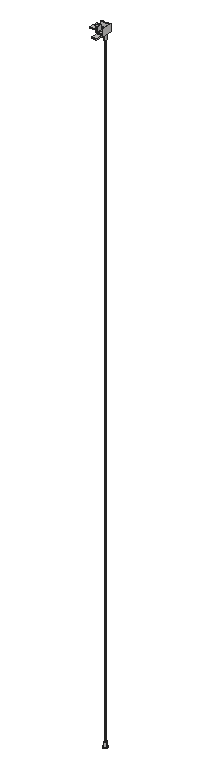
Revit family "CLighting - Luminii - Stenos - Suspended Track - Corner", category Lighting Fixtures, host Face, Revit 2020
Family settings
  Host = Face
  Round Connector Dimension = Use Diameter
  Part Type = Normal
  OmniClass Number = 23.80.70.11.14.21
  OmniClass Title = Spots and Tracklight Specialties
  Cut with Voids When Loaded = No
  Light Source = No
  Shared = Yes
  Room Calculation Point = No
Parameters (values of type "Stenos Suspended - Corner Joint")
  Width = 0' - 0 243/256"  # constant formula
  Wattage Comments = "N/A"  # constant formula
  Warranty URL = "https://www.luminii.com/terms-conditions/"
  Voltage Comments = "N/A"  # constant formula
  Voltage = 0 V  # constant formula
  Version = "2020 - v1.0a"  # constant formula
  URL = "https://www.luminii.com/"
  Suspension Length [instance] = if(Desired Suspension Length < 0' 5", 0' 5", if(Desired Suspension Length > 8' 0", 8' 0", Desired Suspension Length))  # 8' - 0"
  Constraints = 1  # constant formula
  Support Phone = "224-699-9545"  # constant formula
  Support Email = "mailto:support@bimsmith.com"
  Product Page URL = "https://www.luminii.com/product/stenos-suspended-track/"
  Model = "STH"  # constant formula
  Manufacturer Phone Number = "403-216-7043"  # constant formula
  Manufacturer Email = "mailto: info@sensolighting.com"
  Manufacturer Address = "302 50 Ave SE. Calgary, Alberta, T2G 2A9 Canada"  # constant formula
  Manufacturer = "Luminii"  # constant formula
  Load Classification = Other
  Length = if(Constraints = 1, 4' 0", if(Constraints = 2, 8' 0", if(Constraints = 3, 12' 0", 12' 0")))  # 4' - 0"
  Hanging Wire [instance] = yes
  Lamp = "N/A"  # constant formula
  Keynote = "26 50 00"
  Finish = Metal - Luminii - Silver Anodized Aluminum
  Environment = "Indoor"  # constant formula
  Desired Suspension Length [instance] = 8' - 0"
  Description = "Suspended Trim Track System"  # constant formula
  Depth = 0' - 1"  # constant formula
  Default Elevation = 0' - 0"  # constant formula
  Copyright = "©2023 Luminii"  # constant formula
  built-in parameter 1114216 [instance] = 0  # (empty or 0)
  built-in parameter 1140040 [instance] = 1 = 0  # (empty or 0)
  C Cable Suspension Length [instance] = Suspension Length - 0' 1.83189"  # 7' - 10.16811"
  Assembly Comments [instance] = "Consult Manufacturer Website for more Information"  # constant formula
  Assembly Code = "D5020230"
  Apparent Load = 0 VA  # constant formula
Reference planes (in)
  plane 1 "Center (Front/Back)": y = 0
  plane 2: z = 0
  plane 3 "Center (Left/Right)": x = 0
  plane 4: x = -1
  plane 5: x = 1
  plane 6: y = 0.47461
  plane 7: y = -0.47461
  plane 8 "A": z = 96
  plane 9 "B": z = 97.077
Forms (in)
  Extrusion 1, solid, material "Metal - Luminii - Silver Anodized Aluminum", not visible
    sketch origin (0, 0, 0) x (1, 0, 0) y (0, 1, 0)
      loop
        circle (0, 0) r 0.5
    from 0 to -0.17225
Dimensions and locks (in)
  equal spacing: plane 4, plane 3 "Center (Left/Right)", plane 5
  equal spacing: plane 6, plane 1 "Center (Front/Back)", plane 7
  "Suspension Length": plane 8 "A" to plane 2
  locked: plane 9 "B" to plane 8 "A" at 1.077
  locked: nested 2 to plane 3 "Center (Left/Right)" at 1
  nested 1 to nested 2 = 0' - 0.00014"
  aligned and locked: plane 2 to host face
  aligned and locked: plane 3 "Center (Left/Right)" to Extrusion 1 sketch curve
  aligned and locked: plane 1 "Center (Front/Back)" to Extrusion 1 sketch curve
  aligned and locked: plane 2 to Extrusion 1  (x2)
  aligned and locked: plane 1 "Center (Front/Back)" to nested 1
  aligned and locked: plane 3 "Center (Left/Right)" to nested 1
  aligned and locked: nested 2 to plane 1 "Center (Front/Back)"
  aligned and locked: plane 9 "B" to nested 2
Automatic sketch dimensions
  host sketch curve to host sketch curve = 8' - 0"  (x2)
  radius of Extrusion 1 sketch curve = 0' - 0 1/2"
Nested families (in)
  nested 1: "Nested - Hanging Wire A" at (0, 0, 0), visible <- "Hanging Wire", type "Default"
    with Suspension Length 7' - 10.16811"
  nested 2: "Nested - Corner" at (-1, 0, 97.077) x (1, 0, 0) z (0, 0, -1), type "Default"
Connectors (in)
  electrical at (0, 0, 0), driven by "Load Classification", driven by "Voltage", driven by "Apparent Load"
    settings: on Extrusion 1, index 1, voltage 0 V, apparent load 0 VA, apparent load phase1 0 VA, apparent load phase2 0 VA, apparent load phase3 0 VA, power factor 1, load classification "Other", number of poles 1, system type 30, power factor state 1, is connector primary yes, connector utility no, sub classification motor no, connector description "Do Not Use"
Definition of nested family "Nested - Hanging Wire A"
  Parameters (values of type "Default")
    Suspension Length = 7' - 0"
    Finish = none
    Default Elevation = 4' - 0"
  Reference planes (in)
    plane 1 "Center (Front/Back)": y = 0
    plane 2: z = 0
    plane 3 "Center (Left/Right)": x = 0
    plane 4: x = 0.02471
  Forms (in)
    Extrusion 1, solid
      sketch origin (0, 0, 0) x (1, 0, 0) y (0, 1, 0)
        loop
          line (-48, 48) -> (-48, -48) -> (48, -48) -> (48, 48) -> (-48, 48)
      from 0 to -12
    Revolve 2, solid, material <- "Finish"
      sketch origin (0, 0, 0) x (1, 0, 0) y (0, 0, 1)
        loop
          line (0, 0) -> (0, 0.6855) -> (-0.19748, 0.6855) -> (-0.19748, 0.058) -> (-0.31506, 0.058) -> (-0.31506, 0) -> (0, 0)
        axis (0, 0.6855) -> (0, 0)
      angle from 0 to 360
    Extrusion 3, solid, material <- "Finish"
      sketch origin (0, 0, 0) x (1, 0, 0) y (0, 1, 0)
        loop
          circle (0, 0) r 0.03074
      from 0.6855 to 84.71292
  Lines and regions (in)
    reference lines
      curve 1: line (-0.41488, 0, 0.6855) -> (0.54788, 0, 0.6855)
      curve 2: line (-6.46648, 0, 84.6855) -> (8.03352, 0, 84.6855)
      curve 3: line (0, 2.19112, 84.6855) -> (0, -1.97218, 84.6855)
      curve 4: line (0, -1.63838, 0.6855) -> (0, 1.61162, 0.6855)
  Dimensions and locks (in)
    locked: curve 1 to level at 0.6855
    "Suspension Length": curve 2 to curve 1
    locked: curve 4 to Extrusion 1 at 0.6855
    "Suspension Length": curve 3 to curve 4
    locked: curve 3 to Extrusion 3 at 0.02742
    aligned and locked: plane 2 to Extrusion 1
    aligned and locked: level to Extrusion 1
    aligned and locked: curve 1 to Extrusion 3
  Automatic sketch dimensions
    Extrusion 1 sketch curve to Extrusion 1 sketch curve = 8' - 0"  (x2)
    Revolve 2 sketch curve to level = 0' - 0"
    Revolve 2 sketch curve to plane 3 "Center (Left/Right)" = 0' - 0"  (x2)
    Revolve 2 sketch curve to Revolve 2 sketch curve = 0' - 0.19748"
    level to Revolve 2 sketch curve = 0' - 0.058"
    Revolve 2 sketch curve to Revolve 2 sketch curve = 0' - 0.11758"
    Revolve 2 sketch curve to Revolve 2 sketch curve = 0' - 0.62751"
    Revolve 2 sketch curve to level = 2' - 0"
    Revolve 2 sketch curve to Revolve 2 sketch curve = 8' - 6.03332"
    plane 1 "Center (Front/Back)" to Extrusion 3 sketch curve = 0' - 0"
    Extrusion 3 sketch curve to plane 3 "Center (Left/Right)" = 0' - 0"
    curve 2 to plane 3 "Center (Left/Right)" = 0' - 6.46648"
    curve 1 to plane 3 "Center (Left/Right)" = 0' - 0.41488"
    plane 4 to curve 1 = 0' - 0.52316"
    plane 4 to curve 2 = 0' - 8.00881"
    plane 1 "Center (Front/Back)" to curve 3 = 0' - 1.97218"
    plane 1 "Center (Front/Back)" to curve 4 = 0' - 1.63838"
    curve 4 to plane 1 "Center (Front/Back)" = 0' - 1.61162"
    curve 3 to plane 1 "Center (Front/Back)" = 0' - 2.19112"
    radius of Extrusion 3 sketch curve = 0' - 0.03074"
Definition of nested family "Nested - Corner"
  Parameters (values of type "Default")
    Hanging Wire = yes
    Finish = none
    Default Elevation = 4' - 0"
  Reference planes (in)
    plane 1 "Center (Front/Back)": y = 0
    plane 2: z = 0
    plane 3 "Center (Left/Right)": x = 0
  Forms (in)
    Extrusion 1, solid
      sketch origin (0, 0, 0) x (1, 0, 0) y (0, 1, 0)
        loop
          line (-48, 48) -> (-48, -48) -> (48, -48) -> (48, 48) -> (-48, 48)
      from 0 to -12
    Extrusion 2, solid, material <- "Finish", detail levels medium+fine
      sketch origin (0, 0, 0) x (1, 0, 0) y (0, 1, 0)
        loop
          line (0.6175, 0.3825) -> (-1, 0.3825) -> (-1.125, 0.31033) -> (-1.125, -0.31033) -> (-1, -0.3825) -> (1.1325, -0.3825)
          arc (1.1325, -0.3825) -> (1.30928, -0.30928) -> (1.3825, -0.1325) r 0.25
          line (1.3825, -0.1325) -> (1.3825, 2) -> (1.31033, 2.125) -> (0.68967, 2.125) -> (0.6175, 2) -> (0.6175, 0.3825)
      from 0.891 to 1.00911
    Sweep 3, solid, material <- "Finish"
      path origin (0, 0, 0) x (1, 0, 0) y (0, 1, 0)
        loop
          line (0, 0) -> (1, 0) -> (1, 1)
      profile origin (0.5, 0, 0) x (0, 1, 0) y (0, 0, 1)
        loop
          line (0.4725, 1.077) -> (0.3925, 1.077) -> (0.3925, 0.891) -> (-0.3925, 0.891) -> (-0.3925, 1.077) -> (-0.4725, 1.077) -> (-0.4725, 0) -> (-0.39203, 0) -> (-0.3545, 0.065) -> (-0.3545, 0.66295) -> (-0.2575, 0.66295) -> (-0.2575, 0.785) -> (0.2575, 0.785) -> (0.2575, 0.66295) -> (0.3545, 0.66295) -> (0.3545, 0.065) -> (0.39203, 0) -> (0.4725, 0) -> (0.4725, 1.077)
    Revolve 4, solid, material <- "Finish", visible <- "Hanging Wire"
      sketch origin (1, 0, 0) x (0, 1, 0) y (0, 0, 1)
        loop
          line (-0.0755, 2.19611) -> (-0.0755, 1.95911) -> (-0.1755, 1.95911) -> (-0.1755, 1.00911) -> (0, 1.00911) -> (0, 2.19611) -> (-0.0755, 2.19611)
        axis (0, 2.19611) -> (0, 1.00911)
      angle from 0 to 360
    Extrusion 5, solid, material <- "Finish", detail levels coarse
      sketch origin (0, 0, 0) x (1, 0, 0) y (0, 1, 0)
        loop
          line (0.6175, 0.3825) -> (0, 0.3825) -> (0, -0.3825) -> (1.1325, -0.3825)
          arc (1.1325, -0.3825) -> (1.30928, -0.30928) -> (1.3825, -0.1325) r 0.25
          line (1.3825, -0.1325) -> (1.3825, 1) -> (0.6175, 1) -> (0.6175, 0.3825)
      from 0.891 to 1.00911
  Dimensions and locks (in)
    aligned and locked: plane 2 to Extrusion 1
    aligned and locked: level to Extrusion 1
